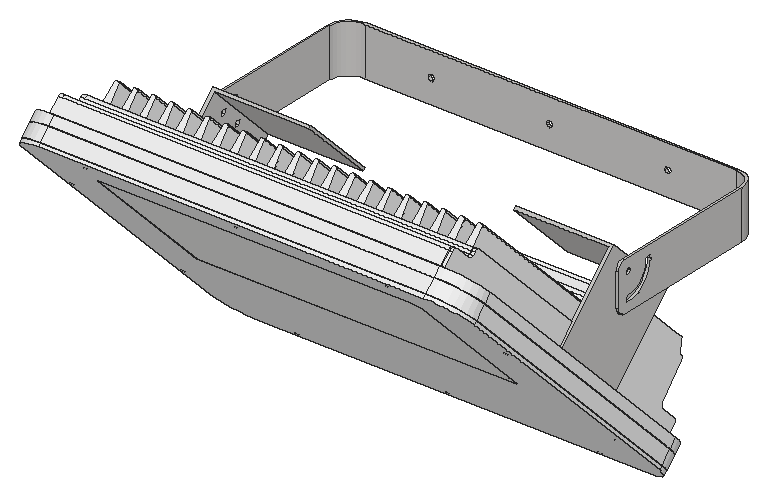
Revit family "FT ATEX LED MAX_2021", category Luminarias, Revit 2021 (continued)
Types (12, lengths in mm): name | Wattage | Power | Position | Archivo de red fotométrica | built-in parameter 1150142 | Modules | Lumens | built-in parameter 1150105 | built-in parameter 1150106 | Equiv MH
  PA304C | 135.315 W | 146 W | 90.00° | "PA304C.ies" | "IESNA:LM-63-2002\r\n[TEST] 2020-10-3/Converted LDT Editor version 1.3.0.0 - DIAL GmbH (www.dial.de) on 05-10-2020\r\n[TESTLAB] ies2eulumdat.appspot.com\r\n[ISSUEDATE] 2020-10-06T06:30:55.161\r\n[MANUFAC] AIRFAL INTERNATIONAL S.L.\r\n[LUMCAT] PA304C\r\n[LUMINAIRE] LED MAX 148W 21366lm\r\n[LAMPCAT] TRIDONIC LED MODULE\r\n[LAMP] TRIDONIC LED MODULE\r\nTILT=NONE\r\n1\t21366\t1\t91\t72\t1\t2\t0.223\t0.100\t0.003\r\n1.0\t1.0\t153.00\r\n0\t 2\t 4\t 6\t 8\t 10\t 12\t 14\t 16\t 18\r\n20\t 22\t 24\t 26\t 28\t 30\t 32\t 34\t 36\t 38\r\n40\t 42\t 44\t 46\t 48\t 50\t 52\t 54\t 56\t 58\r\n60\t 62\t 64\t 66\t 68\t 70\t 72\t 74\t 76\t 78\r\n80\t 82\t 84\t 86\t 88\t 90\t 92\t 94\t 96\t 98\r\n100\t 102\t 104\t 106\t 108\t 110\t 112\t 114\t 116\t 118\r\n120\t 122\t 124\t 126\t 128\t 130\t 132\t 134\t 136\t 138\r\n140\t 142\t 144\t 146\t 148\t 150\t 152\t 154\t 156\t 158\r\n160\t 162\t 164\t 166\t 168\t 170\t 172\t 174\t 176\t 178\r\n180\r\n0\t 5\t 10\t 15\t 20\t 25\t 30\t 35\t 40\t 45\r\n50\t 55\t 60\t 65\t 70\t 75\t 80\t 85\t 90\t 95\r\n100\t 105\t 110\t 115\t 120\t 125\t 130\t 135\t 140\t 145\r\n150\t 155\t 160\t 165\t 170\t 175\t 180\t 185\t 190\t 195\r\n200\t 205\t 210\t 215\t 220\t 225\t 230\t 235\t 240\t 245\r\n250\t 255\t 260\t 265\t 270\t 275\t 280\t 285\t 290\t 295\r\n300\t 305\t 310\t 315\t 320\t 325\t 330\t 335\t 340\t 345\r\n350\t 355\r\n12369.632\t12284.3817\t12185.8844\t12056.8338\t11872.8725\t11629.3001\t11348.7646\t11039.3849\t10707.7846\t10320.2053\r\n9934.549\t9564.7036\t9217.5061\t8893.1702\t8574.3895\t8254.1131\t7917.5986\t7580.6568\t7205.6835\t6797.5929\r\n6355.744\t5841.8917\t5312.6559\t4769.7458\t4187.736\t3569.404\t2935.4747\t2274.197\t1617.8335\t967.4525\r\n443.7718\t199.7721\t152.3396\t140.8019\t126.2731\t104.2661\t90.5918\t84.6094\t78.8405\t74.5673\r\n70.2941\t66.2346\t61.9614\t58.5428\t57.0472\t52.5604\t0\t0\t0\t0\r\n0\t0\t0\t0\t0\t0\t0\t0\t0\t0\r\n0\t0\t0\t0\t0\t0\t0\t0\t0\t0\r\n0\t0\t0\t0\t0\t0\t0\t0\t0\t0\r\n0\t0\t0\t0\t0\t0\t0\t0\t0\t0\r\n0\r\n12370.0594\t12288.2276\t12189.303\t12062.8163\t11881.6326\t11646.1793\t11368.6349\t11060.7509\t10730.2189\t10348.6221\r\n9956.556\t9588.2062\t9237.8038\t8903.2122\t8584.0042\t8261.1639\t7933.4095\t7600.0999\t7222.5626\t6815.9677\r\n6352.9664\t5845.0966\t5313.0832\t4766.5409\t4195.6414\t3569.404\t2944.6621\t2296.6313\t1642.4044\t989.6731\r\n457.6597\t205.1136\t152.5532\t140.5883\t124.7774\t105.1207\t90.8055\t83.9684\t77.7722\t73.499\r\n69.2258\t65.1663\t61.7477\t58.3292\t56.8336\t53.6287\t0\t0\t0\t0\r\n0\t0\t0\t0\t0\t0\t0\t0\t0\t0\r\n0\t0\t0\t0\t0\t0\t0\t0\t0\t0\r\n0\t0\t0\t0\t0\t0\t0\t0\t0\t0\r\n0\t0\t0\t0\t0\t0\t0\t0\t0\t0\r\n0\r\n12369.2047\t12287.5866\t12192.2942\t12067.5168\t11888.4697\t11657.2896\t11377.8223\t11070.5792\t10741.1155\t10356.9548\r\n9964.8887\t9596.3252\t9241.0087\t8907.0581\t8584.4315\t8259.0273\t7928.4953\t7595.3993\t7216.7938\t6808.7032\r\n6348.2659\t5841.2507\t5307.1007\t4751.1574\t4176.8393\t3548.8926\t2910.4765\t2275.0517\t1624.8843\t971.0847\r\n450.8226\t209.3868\t155.9718\t141.6566\t126.2731\t115.5901\t97.8563\t87.6006\t80.5498\t74.9947\r\n70.9351\t66.8756\t63.2434\t60.0385\t58.5428\t54.9106\t0\t0\t0\t0\r\n0\t0\t0\t0\t0\t0\t0\t0\t0\t0\r\n0\t0\t0\t0\t0\t0\t0\t0\t0\t0\r\n0\t0\t0\t0\t0\t0\t0\t0\t0\t0\r\n0\t0\t0\t0\t0\t0\t0\t0\t0\t0\r\n0\r\n12371.1277\t12295.0647\t12202.3363\t12083.114\t11914.9636\t11690.1932\t11413.9309\t11105.8331\t10780.0016\t10396.9093\r\n10002.0656\t9624.742\t9267.9298\t8931.2017\t8609.0024\t8278.684\t7946.6564\t7604.8004\t7238.8008\t6832.6331\r\n6350.6162\t5855.9933\t5324.1935\t4763.7634\t4184.5311\t3557.8663\t2932.9108\t2291.0762\t1642.1908\t989.8868\r\n473.0432\t224.984\t162.8089\t143.3659\t128.6233\t122.2135\t106.4027\t92.9421\t84.182\t78.8405\r\n73.2854\t68.3712\t63.6707\t60.0385\t58.9702\t56.4062\t0\t0\t0\t0\r\n0\t0\t0\t0\t0\t0\t0\t0\t0\t0\r\n0\t0\t0\t0\t0\t0\t0\t0\t0\t0\r\n0\t0\t0\t0\t0\t0\t0\t0\t0\t0\r\n0\t0\t0\t0\t0\t0\t0\t0\t0\t0\r\n0\r\n12364.9315\t12291.8598\t12204.2592\t12085.8916\t11928.4241\t11706.0041\t11436.3652\t11125.4899\t10794.5305\t10411.8655\r\n10010.8256\t9632.6474\t9277.1172\t8938.0388\t8609.216\t8277.6157\t7938.3236\t7591.3398\t7224.0583\t6823.2321\r\n6357.026\t5847.6605\t5313.5105\t4750.7301\t4169.1476\t3538.4233\t2914.1087\t2271.4195\t1616.3379\t971.512\r\n467.2744\t232.6757\t167.0821\t143.7932\t129.6916\t126.4867\t111.5305\t97.8563\t89.7372\t83.5411\r\n77.5586\t72.6444\t67.7302\t63.0297\t61.3204\t57.6882\t0\t0\t0\t0\r\n0\t0\t0\t0\t0\t0\t0\t0\t0\t0\r\n0\t0\t0\t0\t0\t0\t0\t0\t0\t0\r\n0\t0\t0\t0\t0\t0\t0\t0\t0\t0\r\n0\t0\t0\t0\t0\t0\t0\t0\t0\t0\r\n0\r\n12370.0594\t12300.1925\t12214.9422\t12103.839\t11956.1999\t11743.1809\t11479.9518\t11169.9311\t10835.5532\t10456.3067\r\n10056.1216\t9663.8418\t9308.0979\t8967.5239\t8627.5908\t8289.7943\t7944.7334\t7603.7321\t7235.1686\t6831.1375\r\n6351.2572\t5845.9513\t5309.2373\t4763.336\t4178.7623\t3562.7805\t2940.6026\t2284.4527\t1635.3536\t991.1687\r\n482.6579\t244.2134\t172.8509\t143.3659\t129.0506\t123.9228\t116.231\t99.5656\t90.5918\t84.3957\r\n78.6269\t73.499\t68.5849\t63.2434\t60.6794\t58.3292\t0\t0\t0\t0\r\n0\t0\t0\t0\t0\t0\t0\t0\t0\t0\r\n0\t0\t0\t0\t0\t0\t0\t0\t0\t0\r\n0\t0\t0\t0\t0\t0\t0\t0\t0\t0\r\n0\t0\t0\t0\t0\t0\t0\t0\t0\t0\r\n0\r\n12368.9911\t12304.2521\t12219.0017\t12117.9406\t11974.1474\t11769.2474\t11513.7101\t11198.7752\t10862.0471\t10481.305\r\n10074.2827\t9681.7892\t9318.9946\t8975.2156\t8628.0181\t8284.2392\t7942.3832\t7600.7408\t7228.3315\t6815.113\r\n6349.5479\t5832.277\t5293.2128\t4735.1329\t4147.9952\t3533.9364\t2916.0317\t2262.2321\t1608.0052\t965.1022\r\n474.7525\t243.7861\t174.1329\t142.7249\t128.4097\t119.0086\t115.3764\t99.9929\t91.4465\t85.6777\r\n79.6952\t74.3537\t69.4395\t64.098\t61.7477\t58.5428\t0\t0\t0\t0\r\n0\t0\t0\t0\t0\t0\t0\t0\t0\t0\r\n0\t0\t0\t0\t0\t0\t0\t0\t0\t0\r\n0\t0\t0\t0\t0\t0\t0\t0\t0\t0\r\n0\t0\t0\t0\t0\t0\t0\t0\t0\t0\r\n0\r\n12368.9911\t12309.3799\t12233.5306\t12135.0334\t11999.3593\t11809.8428\t11561.7836\t11254.9678\t10915.4621\t10532.3697\r\n10121.7152\t9725.5895\t9356.3851\t8997.8636\t8657.7169\t8312.015\t7969.518\t7625.9527\t7251.4067\t6838.6156\r\n6348.2659\t5823.7306\t5285.5211\t4738.5515\t4160.8148\t3537.5686\t2925.6464\t2278.8976\t1631.7214\t981.554\r\n485.8628\t252.3325\t178.8334\t144.6478\t128.6233\t115.8037\t112.3852\t100.2065\t90.8055\t84.6094\r\n78.1996\t72.6444\t66.8756\t61.5341\t59.6111\t57.4745\t0\t0\t0\t0\r\n0\t0\t0\t0\t0\t0\t0\t0\t0\t0\r\n0\t0\t0\t0\t0\t0\t0\t0\t0\t0\r\n0\t0\t0\t0\t0\t0\t0\t0\t0\t0\r\n0\t0\t0\t0\t0\t0\t0\t0\t0\t0\r\n0\r\n12370.273\t12314.9351\t12241.2224\t12145.289\t12019.2296\t11838.4733\t11594.9009\t11290.4354\t10946.0155\t10570.1875\r\n10153.1232\t9753.579\t9379.2467\t9017.9476\t8673.314\t8328.6805\t7980.4147\t7629.3713\t7248.2018\t6830.2829\r\n6357.026\t5814.9706\t5274.4108\t4728.2958\t4140.5171\t3518.9802\t2895.734\t2251.9764\t1609.7144\t959.5471\r\n474.1115\t253.8281\t181.8247\t145.7161\t130.5463\t117.7267\t111.5305\t102.5568\t91.6601\t85.2503\r\n78.6269\t72.4307\t66.6619\t61.7477\t58.9702\t56.6199\t0\t0\t0\t0\r\n0\t0\t0\t0\t0\t0\t0\t0\t0\t0\r\n0\t0\t0\t0\t0\t0\t0\t0\t0\t0\r\n0\t0\t0\t0\t0\t0\t0\t0\t0\t0\r\n0\t0\t0\t0\t0\t0\t0\t0\t0\t0\r\n0\r\n12368.9911\t12321.1312\t12252.3327\t12160.8862\t12042.9459\t11873.5135\t11639.7695\t11345.346\t11003.0627\t10630.4396\r\n10208.6748\t9804.0028\t9423.9016\t9056.6201\t8706.004\t8362.0114\t8006.4812\t7648.1734\t7264.2263\t6856.1357\r\n6344.2064\t5818.1755\t5283.3845\t4736.4149\t4157.6099\t3529.8769\t2908.7672\t2265.437\t1623.6023\t977.9218\r\n485.6492\t265.3657\t187.3798\t149.562\t133.5375\t119.4359\t109.8212\t103.4114\t91.6601\t82.9001\r\n77.5586\t71.5761\t64.9526\t60.2521\t57.2609\t55.5516\t0\t0\t0\t0\r\n0\t0\t0\t0\t0\t0\t0\t0\t0\t0\r\n0\t0\t0\t0\t0\t0\t0\t0\t0\t0\r\n0\t0\t0\t0\t0\t0\t0\t0\t0\t0\r\n0\t0\t0\t0\t0\t0\t0\t0\t0\t0\r\n0\r\n12371.555\t12328.3957\t12264.9386\t12174.1331\t12058.7567\t11891.461\t11668.1863\t11376.9677\t11041.0942\t10676.8039\r\n10249.4839\t9836.6927\t9451.8911\t9081.191\t8727.1564\t8370.9851\t8009.2588\t7648.387\t7268.9269\t6851.8625\r\n6357.026\t5808.5608\t5270.7785\t4721.0314\t4145.004\t3509.3655\t2893.5974\t2237.8748\t1596.6812\t962.752\r\n478.8121\t267.075\t190.7984\t150.4166\t134.1785\t120.5042\t111.1032\t104.2661\t93.1558\t84.3957\r\n78.8405\t72.4307\t66.4483\t61.5341\t58.1155\t55.5516\t0\t0\t0\t0\r\n0\t0\t0\t0\t0\t0\t0\t0\t0\t0\r\n0\t0\t0\t0\t0\t0\t0\t0\t0\t0\r\n0\t0\t0\t0\t0\t0\t0\t0\t0\t0\r\n0\t0\t0\t0\t0\t0\t0\t0\t0\t0\r\n0\r\n12368.9911\t12328.3957\t12274.5533\t12188.021\t12074.3539\t11916.0319\t11698.526\t11422.0499\t11097.0731\t10743.8931\r\n10325.5468\t9899.2951\t9499.7509\t9120.7181\t8760.9146\t8399.4019\t8037.0346\t7673.8126\t7289.8655\t6874.2968\r\n6369.8456\t5809.6291\t5263.5141\t4719.1084\t4140.5171\t3515.1343\t2903.6394\t2254.9676\t1617.4062\t979.8448\r\n487.7858\t273.2711\t193.3623\t152.1259\t133.5375\t120.2906\t111.5305\t101.7022\t93.3694\t84.6094\r\n79.0542\t73.2854\t66.8756\t61.7477\t58.3292\t55.5516\t0\t0\t0\t0\r\n0\t0\t0\t0\t0\t0\t0\t0\t0\t0\r\n0\t0\t0\t0\t0\t0\t0\t0\t0\t0\r\n0\t0\t0\t0\t0\t0\t0\t0\t0\t0\r\n0\t0\t0\t0\t0\t0\t0\t0\t0\t0\r\n0\r\n12371.555\t12338.865\t12289.9369\t12208.1051\t12091.2331\t11934.6203\t11726.0881\t11453.2443\t11143.01\t10799.6584\r\n10381.5257\t9945.232\t9536.5004\t9149.3485\t8778.6484\t8413.5035\t8050.0678\t7676.3765\t7290.9338\t6862.9729\r\n6369.8456\t5811.1247\t5229.3285\t4668.6847\t4090.7344\t3484.1536\t2870.3084\t2227.6192\t1589.8441\t959.5471\r\n471.9749\t264.9384\t190.7984\t150.844\t132.2555\t121.5725\t112.5988\t101.4885\t93.7967\t85.8913\r\n80.3362\t75.2083\t69.8668\t65.1663\t60.6794\t56.8336\t0\t0\t0\t0\r\n0\t0\t0\t0\t0\t0\t0\t0\t0\t0\r\n0\t0\t0\t0\t0\t0\t0\t0\t0\t0\r\n0\t0\t0\t0\t0\t0\t0\t0\t0\t0\r\n0\t0\t0\t0\t0\t0\t0\t0\t0\t0\r\n0\r\n12368.7774\t12343.3519\t12305.7477\t12228.8301\t12113.0264\t11956.8409\t11756.8552\t11502.3861\t11203.2621\t10869.0979\r\n10463.9985\t10021.936\t9603.1624\t9201.4816\t8821.1668\t8444.4842\t8078.6983\t7706.5025\t7313.7955\t6887.1164\r\n6371.1275\t5801.0827\t5226.3373\t4645.1821\t4057.6171\t3471.5477\t2889.7515\t2246.4212\t1614.2013\t983.477\r\n480.094\t262.5881\t188.0208\t149.562\t130.9736\t123.7091\t111.5305\t99.7792\t91.6601\t85.0367\r\n79.2679\t74.5673\t70.0805\t65.38\t60.8931\t58.3292\t0\t0\t0\t0\r\n0\t0\t0\t0\t0\t0\t0\t0\t0\t0\r\n0\t0\t0\t0\t0\t0\t0\t0\t0\t0\r\n0\t0\t0\t0\t0\t0\t0\t0\t0\t0\r\n0\t0\t0\t0\t0\t0\t0\t0\t0\t0\r\n0\r\n12367.7091\t12349.3343\t12319.2083\t12242.9317\t12134.1787\t11974.361\t11777.5802\t11538.922\t11250.0536\t10920.8036\r\n10523.396\t10081.5471\t9645.6807\t9231.6076\t8846.3786\t8459.4404\t8093.0135\t7712.485\t7311.8725\t6875.7925\r\n6362.3675\t5789.3314\t5210.7401\t4621.0385\t4029.6276\t3440.9943\t2871.3767\t2241.9344\t1606.5095\t970.871\r\n470.9066\t251.0505\t181.1837\t148.0664\t131.6146\t127.9823\t111.3169\t98.7109\t90.3782\t84.3957\r\n78.8405\t74.5673\t70.2941\t66.2346\t61.7477\t58.5428\t0\t0\t0\t0\r\n0\t0\t0\t0\t0\t0\t0\t0\t0\t0\r\n0\t0\t0\t0\t0\t0\t0\t0\t0\t0\r\n0\t0\t0\t0\t0\t0\t0\t0\t0\t0\r\n0\t0\t0\t0\t0\t0\t0\t0\t0\t0\r\n0\r\n12372.4096\t12359.59\t12335.8738\t12271.3484\t12160.2452\t12008.974\t11823.7307\t11599.3877\t11317.7839\t11001.3534\r\n10616.5517\t10156.1144\t9718.5388\t9293.3554\t8892.1019\t8503.668\t8127.8401\t7741.7564\t7342.8532\t6901.218\r\n6368.35\t5792.3226\t5226.1236\t4639.1996\t4047.1477\t3456.5915\t2880.9914\t2272.9151\t1646.8913\t1005.2703\r\n491.8453\t247.6319\t178.8334\t147.6391\t132.2555\t130.5463\t109.1803\t95.506\t87.3869\t80.9771\r\n75.2083\t70.9351\t67.0892\t63.2434\t58.3292\t56.4062\t0\t0\t0\t0\r\n0\t0\t0\t0\t0\t0\t0\t0\t0\t0\r\n0\t0\t0\t0\t0\t0\t0\t0\t0\t0\r\n0\t0\t0\t0\t0\t0\t0\t0\t0\t0\r\n0\t0\t0\t0\t0\t0\t0\t0\t0\t0\r\n0\r\n12370.273\t12363.4359\t12350.6163\t12288.2276\t12185.6708\t12033.7585\t11856.848\t11642.9744\t11366.712\t11055.4094\r\n10676.5902\t10206.3245\t9754.4336\t9321.1312\t8908.5537\t8513.71\t8132.7542\t7748.1662\t7339.862\t6888.6121\r\n6366.427\t5799.3734\t5221.8504\t4616.338\t4032.4052\t3445.9085\t2856.2069\t2265.0097\t1644.7547\t1008.4752\r\n485.6492\t235.667\t172.8509\t146.1434\t132.0419\t129.6916\t106.189\t91.8738\t83.7547\t78.1996\r\n72.8581\t69.4395\t65.5936\t60.6794\t57.4745\t54.4833\t0\t0\t0\t0\r\n0\t0\t0\t0\t0\t0\t0\t0\t0\t0\r\n0\t0\t0\t0\t0\t0\t0\t0\t0\t0\r\n0\t0\t0\t0\t0\t0\t0\t0\t0\t0\r\n0\t0\t0\t0\t0\t0\t0\t0\t0\t0\r\n0\r\n12372.4096\t12372.4096\t12366.6408\t12318.781\t12220.4974\t12074.7812\t11905.3489\t11710.4909\t11450.894\t11144.0783\r\n10758.6356\t10279.1826\t9815.7541\t9371.3413\t8947.2262\t8549.6049\t8167.3672\t7783.8475\t7368.4924\t6918.5245\r\n6385.8701\t5813.0476\t5222.0641\t4623.6024\t4040.5243\t3453.1729\t2885.051\t2300.2636\t1687.0594\t1055.4804\r\n508.9381\t234.5987\t170.7143\t145.5025\t132.8965\t124.7774\t101.2748\t88.4552\t80.3362\t75.2083\r\n70.0805\t65.38\t62.1751\t58.1155\t55.1243\t52.774\t0\t0\t0\t0\r\n0\t0\t0\t0\t0\t0\t0\t0\t0\t0\r\n0\t0\t0\t0\t0\t0\t0\t0\t0\t0\r\n0\t0\t0\t0\t0\t0\t0\t0\t0\t0\r\n0\t0\t0\t0\t0\t0\t0\t0\t0\t0\r\n0\r\n12372.4096\t12377.1101\t12380.7424\t12343.3519\t12256.6059\t12125.6323\t11961.1141\t11777.7938\t11534.8624\t11233.3882\r\n10851.3641\t10368.4925\t9891.817\t9438.2168\t9001.9231\t8604.0882\t8220.7822\t7826.1521\t7411.4381\t6970.4438\r\n6436.2938\t5866.6763\t5266.5053\t4654.5831\t4070.4367\t3496.1186\t2927.5693\t2353.4649\t1742.1836\t1118.2964\r\n542.6964\t244.427\t180.7564\t157.8947\t146.1434\t131.6146\t112.8125\t100.8475\t91.0192\t86.105\r\n79.6952\t74.9947\t71.7898\t67.7302\t64.098\t62.3887\t0\t0\t0\t0\r\n0\t0\t0\t0\t0\t0\t0\t0\t0\t0\r\n0\t0\t0\t0\t0\t0\t0\t0\t0\t0\r\n0\t0\t0\t0\t0\t0\t0\t0\t0\t0\r\n0\t0\t0\t0\t0\t0\t0\t0\t0\t0\r\n0\r\n12372.4096\t12384.1609\t12393.562\t12360.872\t12280.7495\t12155.972\t12001.2822\t11827.363\t11583.3632\t11281.889\r\n10902.8561\t10412.0791\t9916.8152\t9452.5321\t9016.0247\t8616.6941\t8226.551\t7829.1434\t7412.0791\t6973.0078\r\n6457.0189\t5878.6412\t5269.0693\t4640.2679\t4067.2318\t3492.7\t2919.0229\t2350.4737\t1732.9963\t1114.4506\r\n529.2358\t234.5987\t177.7651\t158.1084\t146.9981\t130.5463\t115.8037\t102.7705\t92.9421\t87.6006\r\n82.0454\t76.7039\t72.8581\t68.1575\t64.9526\t62.3887\t0\t0\t0\t0\r\n0\t0\t0\t0\t0\t0\t0\t0\t0\t0\r\n0\t0\t0\t0\t0\t0\t0\t0\t0\t0\r\n0\t0\t0\t0\t0\t0\t0\t0\t0\t0\r\n0\t0\t0\t0\t0\t0\t0\t0\t0\t0\r\n0\r\n12373.6916\t12390.3571\t12405.0996\t12378.1784\t12307.8843\t12188.4484\t12041.4503\t11878.6414\t11645.9656\t11342.5684\r\n10970.5864\t10497.9704\t9971.5122\t9498.2553\t9061.3206\t8653.6573\t8258.1727\t7853.0733\t7445.1964\t7002.9202\r\n6483.5127\t5918.1683\t5315.2198\t4682.7862\t4107.3998\t3532.8681\t2951.9266\t2370.985\t1756.7125\t1145.8586\r\n551.6701\t230.3255\t176.0558\t157.8947\t147.6391\t135.2468\t120.5042\t104.2661\t94.6514\t89.0962\r\n82.4728\t77.1313\t73.2854\t68.3712\t65.1663\t62.3887\t0\t0\t0\t0\r\n0\t0\t0\t0\t0\t0\t0\t0\t0\t0\r\n0\t0\t0\t0\t0\t0\t0\t0\t0\t0\r\n0\t0\t0\t0\t0\t0\t0\t0\t0\t0\r\n0\t0\t0\t0\t0\t0\t0\t0\t0\t0\r\n0\r\n12370.0594\t12390.998\t12414.5006\t12391.2117\t12325.1908\t12211.5236\t12062.8163\t11898.2981\t11676.7327\t11367.5666\r\n11000.4988\t10532.3697\t9992.2372\t9512.9978\t9068.3714\t8658.1442\t8263.3005\t7854.9962\t7446.051\t6993.9464\r\n6498.8962\t5940.6026\t5335.9448\t4701.802\t4123.2107\t3533.0818\t2954.0632\t2349.619\t1731.928\t1136.6712\r\n529.8768\t220.7108\t173.2783\t157.0401\t146.3571\t135.2468\t120.0769\t106.6163\t98.0699\t91.8738\r\n85.464\t79.9088\t75.6356\t70.7215\t66.6619\t62.3887\t0\t0\t0\t0\r\n0\t0\t0\t0\t0\t0\t0\t0\t0\t0\r\n0\t0\t0\t0\t0\t0\t0\t0\t0\t0\r\n0\t0\t0\t0\t0\t0\t0\t0\t0\t0\r\n0\t0\t0\t0\t0\t0\t0\t0\t0\t0\r\n0\r\n12371.7686\t12399.3308\t12428.6022\t12409.5865\t12349.548\t12242.9317\t12095.7199\t11925.8602\t11704.5085\t11402.8205\r\n11043.0171\t10595.6131\t10049.2844\t9565.3445\t9108.5395\t8692.5434\t8296.6315\t7890.0365\t7471.4765\t7026.8501\r\n6523.2535\t5963.8916\t5364.3616\t4738.1242\t4163.1651\t3565.1308\t2982.6936\t2365.2162\t1753.294\t1143.5083\r\n534.3637\t218.5742\t171.7826\t155.9718\t144.2205\t132.2555\t117.513\t106.83\t98.9246\t92.0875\r\n85.8913\t81.1908\t77.1313\t71.7898\t67.7302\t63.6707\t0\t0\t0\t0\r\n0\t0\t0\t0\t0\t0\t0\t0\t0\t0\r\n0\t0\t0\t0\t0\t0\t0\t0\t0\t0\r\n0\t0\t0\t0\t0\t0\t0\t0\t0\t0\r\n0\t0\t0\t0\t0\t0\t0\t0\t0\t0\r\n0\r\n12372.4096\t12402.963\t12433.0891\t12421.5514\t12365.5725\t12255.1103\t12102.7707\t11922.4417\t11701.9445\t11406.2391\r\n11047.9313\t10624.8845\t10077.4876\t9583.5056\t9112.8127\t8695.5347\t8303.2549\t7887.8999\t7466.135\t7025.3545\r\n6530.5179\t5966.8828\t5346.6278\t4734.2783\t4154.405\t3555.5161\t2955.9861\t2348.7644\t1730.2187\t1085.8201\r\n490.5634\t214.0873\t170.928\t154.4762\t142.9385\t131.6146\t117.2993\t108.112\t99.9929\t93.5831\r\n88.2416\t83.7547\t79.9088\t74.9947\t69.8668\t65.38\t0\t0\t0\t0\r\n0\t0\t0\t0\t0\t0\t0\t0\t0\t0\r\n0\t0\t0\t0\t0\t0\t0\t0\t0\t0\r\n0\t0\t0\t0\t0\t0\t0\t0\t0\t0\r\n0\t0\t0\t0\t0\t0\t0\t0\t0\t0\r\n0\r\n12372.8369\t12406.3816\t12441.4218\t12434.1574\t12385.8702\t12280.3222\t12126.9143\t11935.6886\t11709.6363\t11416.0675\r\n11070.5792\t10675.5219\t10136.4577\t9631.7928\t9149.1349\t8716.9007\t8317.5701\t7913.7527\t7489.424\t7050.139\r\n6543.1238\t5981.6254\t5355.6016\t4756.9262\t4181.9672\t3569.404\t2976.0701\t2374.8309\t1723.3816\t1062.1039\r\n486.2902\t217.7195\t172.6373\t154.2625\t142.7249\t132.0419\t118.5813\t109.1803\t100.4202\t94.2241\r\n88.8826\t84.182\t79.2679\t75.2083\t70.0805\t65.5936\t0\t0\t0\t0\r\n0\t0\t0\t0\t0\t0\t0\t0\t0\t0\r\n0\t0\t0\t0\t0\t0\t0\t0\t0\t0\r\n0\t0\t0\t0\t0\t0\t0\t0\t0\t0\r\n0\t0\t0\t0\t0\t0\t0\t0\t0\t0\r\n0\r\n12371.1277\t12409.5865\t12443.5584\t12441.4218\t12395.2712\t12290.7915\t12132.6831\t11937.1842\t11706.8587\t11409.8713\r\n11076.3481\t10689.4098\t10159.1057\t9646.9627\t9154.9037\t8714.1231\t8304.9642\t7904.3517\t7492.4152\t7046.2931\r\n6550.3883\t5984.8303\t5353.465\t4750.7301\t4176.1984\t3562.1395\t2966.2418\t2358.3791\t1677.6583\t985.8272\r\n457.8734\t218.7878\t174.3466\t154.2625\t143.1522\t132.6829\t120.5042\t110.8895\t102.9841\t96.5743\r\n90.5918\t85.8913\t80.5498\t75.2083\t71.3624\t67.0892\t0\t0\t0\t0\r\n0\t0\t0\t0\t0\t0\t0\t0\t0\t0\r\n0\t0\t0\t0\t0\t0\t0\t0\t0\t0\r\n0\t0\t0\t0\t0\t0\t0\t0\t0\t0\r\n0\t0\t0\t0\t0\t0\t0\t0\t0\t0\r\n0\r\n12368.1364\t12411.0821\t12446.1223\t12448.2589\t12403.604\t12299.3379\t12148.7076\t11956.8409\t11730.1477\t11433.5876\r\n11100.7053\t10718.4676\t10204.4016\t9677.516\t9180.7565\t8732.2842\t8313.5106\t7921.2308\t7513.3539\t7070.6504\r\n6565.1308\t6000.8548\t5377.6085\t4770.1732\t4198.419\t3590.129\t3000.0001\t2384.8729\t1687.0594\t977.2808\r\n467.2744\t227.9752\t178.6198\t155.3308\t143.7932\t132.2555\t121.5725\t110.8895\t103.1978\t96.788\r\n90.8055\t85.6777\t79.4815\t73.499\t70.0805\t65.38\t0\t0\t0\t0\r\n0\t0\t0\t0\t0\t0\t0\t0\t0\t0\r\n0\t0\t0\t0\t0\t0\t0\t0\t0\t0\r\n0\t0\t0\t0\t0\t0\t0\t0\t0\t0\r\n0\t0\t0\t0\t0\t0\t0\t0\t0\t0\r\n0\r\n12372.196\t12416.6372\t12451.4638\t12451.6775\t12407.6635\t12300.1925\t12161.5272\t11976.925\t11750.2317\t11450.4667\r\n11107.9697\t10716.5446
